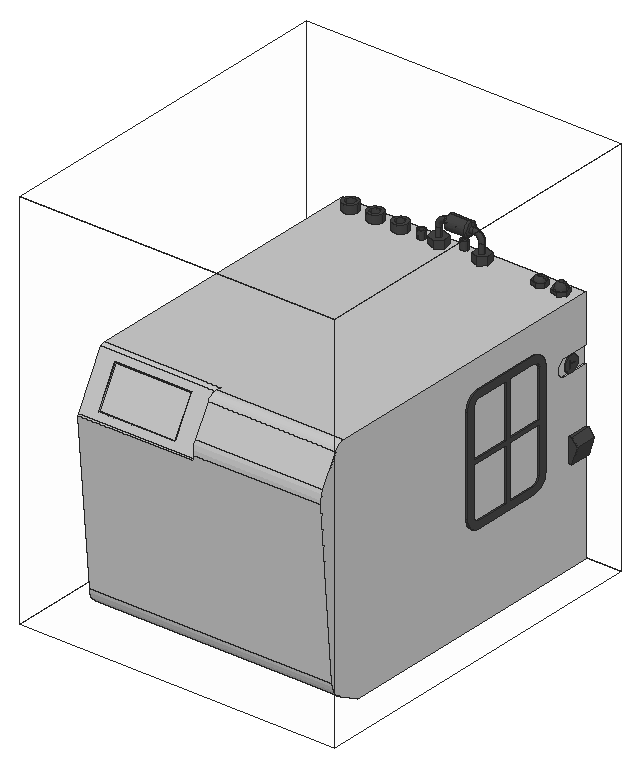
Revit family "BCS (C) Base unit - 2957UK.RFA", category Mechanical Equipment, Revit 2015
Parameters (values of type "HT1760/1761 BCS (Compact 100/140) 75G4")
  Wireless (WIFI) = "TBC"
  Weekly Maintenance (or SFG20 Codes) = ""
  Warranty ID = ""
  Tap Clearance = "N/A"
  Tap Finish = "N/A"
  Shipping Weight = ""
  Responsible Sourcing of Materials = ""
  Responsible Extraction of Materials = ""
  Quarterly Maintenance (or SFG20 Codes) = ""
  Overall Length/Depth = "461mm"
  WRAS Approved = "Yes"
  Power Supply (Voltage) = "220-240V AC 13A"
  URL = "www.zipindustries.co.uk"
  Type Comments = "Boiling Water Heater (Potable)"
  Supply Phase = "single phase"
  Shape = "Rectangular"
  O&M Manual (Manufacturer O&M Data) = ""
  Monthly Maintenance (or SFG20 Codes) = ""
  Max. Stored Water Temperature = "98°C"
  Material Ingredient Reporting = ""
  Maintenance Required 8001-12000hrs (Maintenance required in this time frame) = ""
  Maintenance Required 601-1000hrs (Maintenance tasks required in this time frame) = ""
  Maintenance Required 40001-8000hrs (Maintenance tasks required in this time frame) = ""
  Maintenance Required 301-600hrs (Maintenance Tasks required in this time frame) = ""
  Maintenance Required 2001-4000hrs (Maintenance tasks required in this time frame) = ""
  Maintenance Required 1001-2000hrs (Maintenance tasks required in this time frame) = ""
  Maintenance Required 0-300hrs (Maintenance Tasks required in this time frame) = ""
  Location of Manufacturer = "Australia"
  Life Cycle Analysis = "Not Known"
  Heat Up Time = ""
  Programmable Safety Features = "YES"
  Programmable Function Parameters = "Supplied"
  Product Range = "HydroTap"
  Overall Width = "338mm"
  Overall Height = "333mm"
  Type = "Command Centre"
  Net Weight = "30kg"
  Internal Filter (if fitted) = "Supplied"
  Gross Weight = "N/A"
  Green Guide for Specification = ""
  Model = "BCS PRT No 2957UK"
  Standby Power Loss (idle mode) = "Not Known"
  Nominal Flow Rate (Boiling) = "1.2L/min"
  Volume Dispensed per hour = ""
  Expected Life = ""
  Environmental Product Declaration = ""
  Energy Technology List = ""
  Embodied Carbon = ""
  Daily Maintenance (or SFG20 Codes) = ""
  Cable Length and size (If Fitted) = "3.0m nominal"
  Single Instance Draw off Volume = ""
  Recovery Volume per Minute = ""
  Mains Water Connection = "I/2\" BSP"
  Manufacturer = "Zip Industries(UK) Ltd"
  Keynote = ""
  Mains Water Pressure _ Minimum = "0.25 MPa (2.5 bar)"
  Mains Water Pressure _ Maximum = "0.7 MPa (7 bar)"
  Mains Pressure Limiting Valve = "Supplied"
  Enclosure Rating = ""
  Button Interface = "NO  (LCD Touch Screen supplied)"
  Bespoke Timeframe Maintenance (or SFG20 Codes) = ""
  Base Unit Finish = "White Enamel"
  Backflow Prevention Valve = "No"
  Tank Construction Material = "Stainless Steel"
  Tank Thickness = ""
  Insulation Material = ""
  Power Rating = "2.13kW"
  Capacity = "N/A"
  Features = ""
  External Material = ""
  Description = ""
  Control Thermostat Range = ""
  BMS Links = ""
  Assembly Code = ""
  Unit Access Clearance right = "50mm"
  Unit Access Clearance Top = "202mm"
  Unit Access Clearance Rear = "0mm"
  Unit Access Clearance Left = "50mm"
  Unit Access Clearance Front = "40mm"
  Unit Access Clearance Bottom = "0mm"
  Annually Maintenance (or SFG20 Codes) = ""
  6 Monthly Maintenance (or SFG20 Codes) = "Required (uk) 6 months service (including filter change)"
Reference planes
  plane 1 "Center (Front/Back)": y = 0
  plane 2: z = 0
  plane 3 "Center (Left/Right)": x = 0
  plane 4: z = 253.877
Forms (mm)
  Extrusion 1, solid, material "Base Unit"
    sketch origin (-21.8, 0, 341.233) x (0, 1, 0) y (0, 0, 1)
      loop
        line (189.232, -341.233) -> (189.232, -8.233) -> (-232.473, -8.233)
        arc (-232.473, -8.233) -> (-240.484, -10.383) -> (-246.343, -16.255) r 16.002
        line (-246.343, -16.255) -> (-268.417, -54.622)
        arc (-268.417, -54.622) -> (-271.704, -63.097) -> (-272.302, -72.168) r 30
        line (-272.302, -72.168) -> (-252.283, -303.655)
        arc (-252.283, -303.655) -> (-247.41, -317.407) -> (-236.458, -327.046) r 29
        line (-236.458, -327.046) -> (-208.348, -341.233) -> (189.232, -341.233)
    from -147.2 to 190.8
  Extrusion 2, void
    sketch origin (-8.068, -15, 330.683) x (0, 1, 0) y (0, 0, 1)
      loop
        line (-255.843, -67.023) -> (-217.062, 0.383)
        arc (-217.062, 0.383) -> (-213.652, 1.825) -> (-209.983, 2.317) r 13.922
        line (-209.983, 2.317) -> (-252.026, 2.317) -> (-285, -54.795) -> (-285, -70.202) -> (-257.149, -70.202)
        arc (-257.149, -70.202) -> (-256.602, -68.569) -> (-255.843, -67.023) r 13.03
    from 0 to -163.885
  Extrusion 3, solid, material "Function"
    sketch origin (41.23, 187.907, 320.383) x (0, 0, 1) y (1, 0, 0)
      loop
        line (-187.949, 132.801) -> (-187.949, 127.8) -> (-153.955, 127.8) -> (-153.955, 132.799) -> (-164.177, 140.525) -> (-187.949, 132.801)
    from -0.502 to -29.502
  Extrusion 4, solid, material "Function"
    sketch origin (-21.818, -8.125, 320.434) x (1, 0, 0) y (0, 1, 0)
      loop
        circle (-123.112, 179.789) r 10.35
      loop
        circle (-88.332, 179.789) r 10.35
      loop
        circle (-53.189, 179.427) r 10.35
      loop
        circle (-122.931, 179.97) r 6.5
      loop
        circle (-88.15, 179.427) r 6.5
      loop
        circle (-53.189, 179.427) r 6.5
      loop
        circle (-24.05, 179.612) r 5
      loop
        circle (27.404, 189.736) r 5
      loop
        circle (-23.931, 179.612) r 3.75
      loop
        circle (27.523, 189.617) r 3.75
    from 0 to 22.783
  Extrusion 5, solid, material "Function"
    sketch origin (-21.818, -8.125, 320.434) x (1, 0, 0) y (0, 1, 0)
      loop
        circle (-0.198, 179.961) r 7
      loop
        circle (60.34, 180.118) r 7
    from 0 to 5.8
  Extrusion 6, solid, material "Function"
    sketch origin (-21.818, -8.125, 320.434) x (1, 0, 0) y (0, 1, 0)
      loop
        line (-10.935, 183.979) -> (-8.966, 172.811) -> (2.292, 168.714) -> (11.023, 176.04) -> (9.004, 187.488) -> (-1.986, 191.488) -> (-10.935, 183.979)
      loop
        line (49.634, 183.899) -> (51.652, 172.455) -> (62.029, 168.678) -> (71.029, 176.23) -> (69.06, 187.398) -> (58.42, 191.271) -> (49.634, 183.899)
    from 5.524 to 22.789
  Extrusion 7, solid, material "Function"
    sketch origin (36.932, -8.125, 320.434) x (1, 0, 0) y (0, 1, 0)
      loop
        line (73.102, 182.906) -> (74.838, 173.058) -> (84.235, 169.638) -> (91.896, 176.066) -> (90.159, 185.914) -> (80.762, 189.334) -> (73.102, 182.906)
      loop
        line (101.22, 182.557) -> (104.025, 172.089) -> (114.712, 169.226) -> (122.083, 176.596) -> (119.299, 186.983) -> (108.531, 189.868) -> (101.22, 182.557)
    from 0 to 5.544
  Extrusion 8, solid, material "Function"
    sketch origin (36.932, -8.125, 320.434) x (1, 0, 0) y (0, 1, 0)
      loop
        circle (82.518, 179.951) r 5.5
      loop
        circle (111.518, 179.951) r 6.5
    from 5.544 to 8.534
  Extrusion 9, solid, material "Function"
    sketch origin (36.932, -8.125, 320.434) x (1, 0, 0) y (0, 1, 0)
      loop
        line (73.102, 182.906) -> (74.838, 173.058) -> (84.235, 169.638) -> (91.896, 176.066) -> (90.159, 185.914) -> (80.762, 189.334) -> (73.102, 182.906)
      loop
        line (101.22, 182.557) -> (104.025, 172.089) -> (114.712, 169.226) -> (122.083, 176.596) -> (119.299, 186.983) -> (108.531, 189.868) -> (101.22, 182.557)
    from 8.533 to 17.547
  Revolve 10, solid, material "Function"
    sketch origin (36.932, 171.875, 320.434) x (0, 0, 1) y (1, 0, 0)
      loop
        line (17.547, 108.531) -> (17.547, 104.025)
        arc (17.547, 104.025) -> (22.014, 105.448) -> (25.545, 108.531) r 11.524
        line (25.545, 108.531) -> (17.547, 108.531)
      axis (17.547, 111.645) -> (25.545, 111.645)
    angle from 0 to 360
  Revolve 11, solid, material "Function"
    sketch origin (36.932, 171.875, 320.434) x (0, 0, 1) y (1, 0, 0)
      loop
        line (22.495, 80.062) -> (17.547, 80.062) -> (17.547, 75.115)
        arc (17.547, 75.115) -> (21.046, 76.564) -> (22.495, 80.062) r 4.947
      axis (17.547, 82.477) -> (22.495, 82.477)
    angle from 0 to 360
  Sweep 12, solid, material "Function"
    path origin (-21.818, 171.875, 320.434) x (0, 0, 1) y (1, 0, 0)
      loop
        line (22.789, 60) -> (36.094, 60)
        arc (36.094, 60) -> (43.11, 57.094) -> (46.016, 50.077) r 9.923
        line (46.016, 50.077) -> (46.016, 10.077)
        arc (46.016, 10.077) -> (43.065, 2.952) -> (35.939, 0) r 10.077
        line (35.939, 0) -> (22.789, 0)
    profile origin (38.182, 171.875, 349.876) x (1, 0, 0) y (0, 1, 0)
      loop
        circle (0.119, 0) r 3.5
  Revolve 13, solid, material "Function"
    sketch origin (-21.818, 171.875, 320.434) x (0, 0, 1) y (1, 0, 0)
      loop
        line (46.407, 44.333) -> (46.407, 14.333) -> (54.031, 14.333)
        arc (54.031, 14.333) -> (55.402, 14.901) -> (55.97, 16.271) r 1.939
        line (55.97, 16.271) -> (55.97, 42.408)
        arc (55.97, 42.408) -> (55.406, 43.769) -> (54.045, 44.333) r 1.924
        line (54.045, 44.333) -> (46.407, 44.333)
      axis (46.407, 44.333) -> (46.407, 14.333)
    angle from 0 to 360
  Revolve 14, solid, material "Function 1"
    sketch origin (-46.818, 168.248, 320.434) x (-1, 0, 0) y (0, 0, 1)
      loop
        line (-109.964, 0.137) -> (-106.293, 0.137) -> (-106.293, 8) -> (-104.766, 8) -> (-104.766, 9.052) -> (-109.964, 9.052) -> (-109.964, 0.137)
      axis (-109.964, 0.137) -> (-109.964, 9.052)
    angle from 0 to 360
  Extrusion 15, solid
    sketch origin (16.932, -8.125, 320.434) x (1, 0, 0) y (0, 1, 0)
      loop
        line (66.481, 145.123) -> (71.788, 135.57) -> (82.65, 135.57) -> (88.114, 144.904) -> (82.803, 154.486) -> (71.886, 154.486) -> (66.481, 145.123)
    from 0 to 3
  Revolve 16, solid
    sketch origin (16.932, 136.998, 319.341) x (-1, 0, 0) y (0, 0, 1)
      loop
        line (-77.281, 4.044) -> (-70.107, 4.044) -> (-70.107, 5.006) -> (-72.292, 5.006) -> (-72.292, 6.057) -> (-77.281, 6.057) -> (-77.281, 4.044)
      axis (-77.281, 4.044) -> (-77.281, 6.057)
    angle from 0 to 360
  Revolve 17, solid, material "Function 1"
    sketch origin (16.932, 136.998, 319.341) x (-1, 0, 0) y (0, 0, 1)
      loop
        line (-73.796, 6.057) -> (-73.796, 11.057) -> (-72.251, 11.057) -> (-72.251, 12.054) -> (-77.281, 12.054) -> (-77.281, 6.057) -> (-73.796, 6.057)
      axis (-77.281, 12.054) -> (-77.281, 6.057)
    angle from 0 to 360
  Revolve 18, void
    sketch origin (-46.818, 168.248, 320.434) x (-1, 0, 0) y (0, 0, 1)
      loop
        line (-109.964, 3) -> (-109.964, 9.052) -> (-112.75, 9.052) -> (-112.75, 3) -> (-109.964, 3)
      axis (-109.964, 3) -> (-109.964, 9.052)
    angle from 0 to 360
  Extrusion 19, void
    sketch origin (16.932, -8.125, 331.395) x (-1, 0, 0) y (0, -1, 0)
      loop
        circle (-77.281, -145.123) r 2.7
    from -5.997 to 0
  Revolve 20, solid, material "Function 1"
    sketch origin (113.828, 136.998, 320.434) x (1, 0, 0) y (0, 0, -1)
      loop
        line (-44.7, 0.031) -> (-48.293, 0.031) -> (-48.293, -8.07) -> (-49.7, -8.07) -> (-49.7, -9.045) -> (-44.7, -9.045) -> (-44.7, 0.031)
      axis (-44.7, 0.031) -> (-44.7, -9.045)
    angle from 0 to 360
  Revolve 21, void
    sketch origin (113.828, 136.998, 320.434) x (1, 0, 0) y (0, 0, -1)
      loop
        line (-44.7, -3) -> (-47.496, -3) -> (-47.496, -9.045) -> (-44.7, -9.045) -> (-44.7, -3)
      axis (-44.7, -3) -> (-44.7, -9.045)
    angle from 0 to 360
  Extrusion 22, solid
    sketch origin (-21.818, -8.125, -31.935) x (-1, 0, 0) y (0, -1, 0)
      loop
        line (-88.625, -171.313) -> (-91.2, -176.835) -> (-87.705, -181.827) -> (-81.634, -181.296) -> (-79.059, -175.773) -> (-82.554, -170.782) -> (-88.625, -171.313)
    from 352.526 to 355.526
  Extrusion 23, solid
    sketch origin (-21.818, -8.125, -32.092) x (-1, 0, 0) y (0, -1, 0)
      loop
        line (-93.563, -139.59) -> (-97.163, -144.731) -> (-94.51, -150.419) -> (-88.258, -150.966) -> (-84.659, -145.825) -> (-87.311, -140.137) -> (-93.563, -139.59)
    from 352.526 to 355.526
  Extrusion 24, void
    sketch origin (0, -7.812, 320.434) x (0, 1, 0) y (0, 0, 1)
      loop
        line (197.045, -77.714) -> (197.045, -54.276) -> (160.123, -54.276)
        arc (160.123, -54.276) -> (148.404, -65.995) -> (160.123, -77.714) r 11.719
        line (160.123, -77.714) -> (197.045, -77.714)
    from 166.665 to 169
  Extrusion 25, solid, material "Function"
    sketch origin (0, 0, 319.872) x (0, 1, 0) y (0, 0, 1)
      loop
        circle (164.568, -65.995) r 11
      loop
        line (159.783, -60.679) -> (159.783, -71.668) -> (162.518, -71.668) -> (162.518, -60.679) -> (159.783, -60.679)
      loop
        line (163.733, -64.325) -> (163.733, -67.06) -> (172.139, -67.06) -> (172.139, -64.325) -> (163.733, -64.325)
    from 166.665 to 169
  Extrusion 26, solid, material "Function"
    sketch origin (32.007, 0, 320.397) x (0, 1, 0) y (0, 0, -1)
      loop
        line (-0.981, 24.963) -> (94.019, 24.963)
        arc (94.019, 24.963) -> (108.161, 30.821) -> (114.019, 44.963) r 20
        line (114.019, 44.963) -> (114.019, 177.963)
        arc (114.019, 177.963) -> (108.161, 192.105) -> (94.019, 197.963) r 20
        line (94.019, 197.963) -> (-0.981, 197.963)
        arc (-0.981, 197.963) -> (-15.124, 192.105) -> (-20.981, 177.963) r 20
        line (-20.981, 177.963) -> (-20.981, 44.963)
        arc (-20.981, 44.963) -> (-15.124, 30.821) -> (-0.981, 24.963) r 20
      loop
        line (51.519, 34.963) -> (94.019, 34.963)
        arc (94.019, 34.963) -> (101.09, 37.892) -> (104.019, 44.963) r 10
        line (104.019, 44.963) -> (104.019, 108.963) -> (51.519, 108.963) -> (51.519, 34.963)
      loop
        line (51.519, 113.963) -> (104.019, 113.963) -> (104.019, 177.963)
        arc (104.019, 177.963) -> (101.09, 185.034) -> (94.019, 187.963) r 10
        line (94.019, 187.963) -> (51.519, 187.963) -> (51.519, 113.963)
      loop
        line (-10.981, 109.366) -> (-10.981, 44.963)
        arc (-10.981, 44.963) -> (-8.053, 37.892) -> (-0.981, 34.963) r 10
        line (-0.981, 34.963) -> (46.519, 34.963) -> (46.519, 109.366) -> (-10.981, 109.366)
      loop
        line (-10.981, 114.309) -> (46.519, 114.309) -> (46.519, 187.963) -> (-0.981, 187.963)
        arc (-0.981, 187.963) -> (-8.053, 185.034) -> (-10.981, 177.963) r 10
        line (-10.981, 177.963) -> (-10.981, 114.309)
    from -137.007 to -140.818
  Extrusion 27, solid
    sketch origin (65.65, 0, 0) x (0, 0, -1) y (0, -1, 0)
      loop
        line (-0.434, -189.232) -> (-0.434, 310.768) -> (-535, 310.768) -> (-535, -189.232) -> (-0.434, -189.232)
    from -153.35 to 284.65
  Extrusion 28, void
    sketch origin (65.65, 0, 0) x (0, 0, -1) y (0, -1, 0)
      loop
        line (-323.124, 237.776) -> (-321.189, 236.874) -> (-272.784, 264.724) -> (-272.591, 266.849) -> (-323.124, 237.776)
    from 103.97 to 210.399
Cuts and joins
  Extrusion 2, Extrusion 24, Extrusion 28 cuts Extrusion 1
  Revolve 18 cuts Revolve 14
  Extrusion 19 cuts Revolve 16
  Extrusion 19 cuts Revolve 17
  Revolve 21 cuts Revolve 20
  Extrusion 28 cuts Extrusion 27
Lines and regions (mm)
  model lines
    curve 1: circle (52.05, 171.875, 0) r 3.5 normal (0, 0, 1)
Dimensions and locks
  aligned and locked: level to plane 2
  aligned and locked: Extrusion 27 sketch curve to cut or joined group of Extrusion 1, Extrusion 2, Extrusion 24, Extrusion 28
Connectors
  piping at (-144.749, 171.845, 343.217), diameter 10.5
    settings: on Extrusion 4, index 1, connector inside diameter 609.6 mm, connector length 0 mm, flow factor 0, pipe flow 0.0 L/s, pressure drop 0.0 Pa, fitting loss kfactor 0, connector angle 0.00°, fixture units 0, engagement length 0 mm, angle of deflection 0.00°, flow configuration 0, flow direction 1, fitting loss method 0, system type 20, joint type 0, gender type 0, connector reference index -1, connector utility 0, adjustable connector no, is connector primary yes, connector description ""
